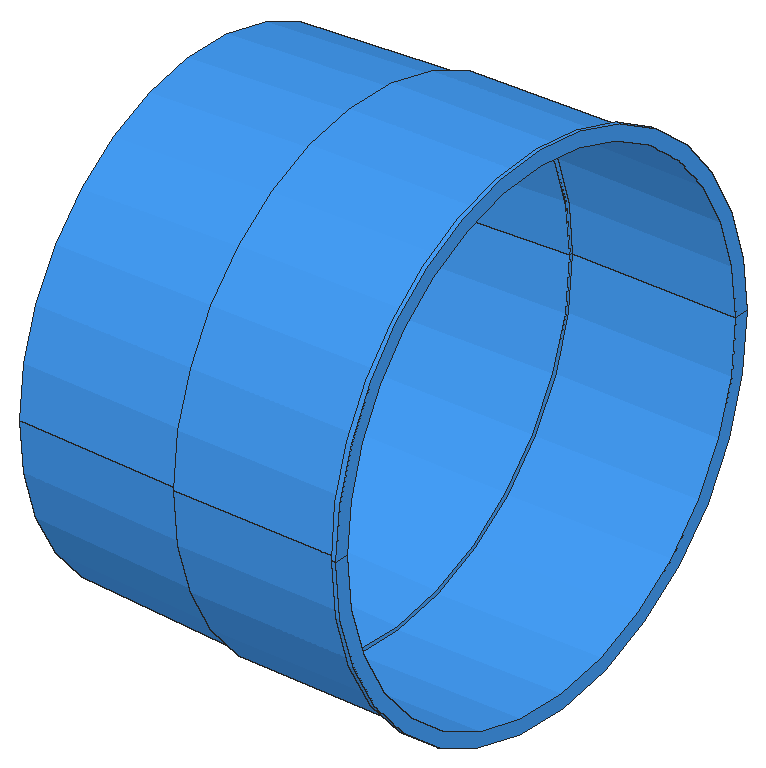
Revit family "110-EXTENSION REV 0", category Pipe Accessories, Revit 2023
Family settings
  Round Connector Dimension = Use Diameter
  Part Type = Breaks Into
  Work Plane-Based = No
  Always vertical = No
  Cut with Voids When Loaded = No
  Shared = No
Parameters
  URL = "http://www.suresnap.co.uk/"
  Model = "110-EXTENSION"
  Manufacturer = "Sure Snap Fire Collars UK"
  Description = "SURE SNAP 110 Extension"
  Default Elevation = 0 mm
  Cut Depth Offset [instance] = Cut Depth + 1 mm  # 1 mm
  Cut Depth [instance] = 0 mm
Reference planes
  plane 1 "Center (Front/Back)": y = 0
  plane 2: z = 0
  plane 3 "Center (Left/Right)": x = -99.679
  plane 4: x = -99.679
  plane 5: x = -99.679
  plane 6: x = -99.679
Forms (mm)
  Extrusion 1, solid, material "PVC-Blue", not visible, detail levels fine
    sketch origin (0, 0, 0) x (1, 0, 0) y (0, 0, 1)
      loop
        line (-80, 60.418) -> (-227.967, 86.048) -> (-227.967, 69.12) -> (-80, 60.418)
    from -1.5 to 1.5
  Extrusion 2, solid, material "PVC-Blue", not visible, detail levels fine
    sketch origin (0, 0, 0) x (1, 0, 0) y (0, -0.5, 0.866025)
      loop
        line (-80, 60.418) -> (-227.967, 86.048) -> (-227.967, 69.12) -> (-80, 60.418)
    from -1.5 to 1.5
  Extrusion 3, solid, material "PVC-Blue", not visible, detail levels fine
    sketch origin (0, 0, 0) x (1, 0, 0) y (0, -0.866025, 0.5)
      loop
        line (-80, 60.418) -> (-227.967, 86.048) -> (-227.967, 69.12) -> (-80, 60.418)
    from -1.5 to 1.5
  Extrusion 4, solid, material "PVC-Blue", not visible, detail levels fine
    sketch origin (0, 0, 0) x (0, -1, 0) y (-1, 0, 0)
      loop
        line (60.418, 80) -> (86.048, 227.967) -> (69.12, 227.967) -> (60.418, 80)
    from -1.5 to 1.5
  Extrusion 5, solid, material "PVC-Blue", not visible, detail levels fine
    sketch origin (0, 0, 0) x (1, 0, 0) y (0, -0.866025, -0.5)
      loop
        line (-80, 60.418) -> (-227.967, 86.048) -> (-227.967, 69.12) -> (-80, 60.418)
    from -1.5 to 1.5
  Extrusion 6, solid, material "PVC-Blue", not visible, detail levels fine
    sketch origin (0, 0, 0) x (1, 0, 0) y (0, -0.5, -0.866025)
      loop
        line (-80, 60.418) -> (-227.967, 86.048) -> (-227.967, 69.12) -> (-80, 60.418)
    from -1.5 to 1.5
  Extrusion 7, solid, material "PVC-Blue", not visible, detail levels fine
    sketch origin (0, 0, 0) x (1, 0, 0) y (0, 0, -1)
      loop
        line (-80, 60.418) -> (-227.967, 86.048) -> (-227.967, 69.12) -> (-80, 60.418)
    from -1.5 to 1.5
  Extrusion 8, solid, material "PVC-Blue", not visible, detail levels fine
    sketch origin (0, 0, 0) x (1, 0, 0) y (0, 0.5, -0.866025)
      loop
        line (-80, 60.418) -> (-227.967, 86.048) -> (-227.967, 69.12) -> (-80, 60.418)
    from -1.5 to 1.5
  Extrusion 9, solid, material "PVC-Blue", not visible, detail levels fine
    sketch origin (0, 0, 0) x (1, 0, 0) y (0, 0.866025, -0.5)
      loop
        line (-80, 60.418) -> (-227.967, 86.048) -> (-227.967, 69.12) -> (-80, 60.418)
    from -1.5 to 1.5
  Extrusion 10, solid, material "PVC-Blue", not visible, detail levels fine
    sketch origin (0, 0, 0) x (1, 0, 0) y (0, 1, 0)
      loop
        line (-80, 60.418) -> (-227.967, 86.048) -> (-227.967, 69.12) -> (-80, 60.418)
    from -1.5 to 1.5
  Extrusion 11, solid, material "PVC-Blue", not visible, detail levels fine
    sketch origin (0, 0, 0) x (1, 0, 0) y (0, 0.866025, 0.5)
      loop
        line (-80, 60.418) -> (-227.967, 86.048) -> (-227.967, 69.12) -> (-80, 60.418)
    from -1.5 to 1.5
  Extrusion 12, solid, material "PVC-Blue", not visible, detail levels fine
    sketch origin (0, 0, 0) x (1, 0, 0) y (0, 0.5, 0.866025)
      loop
        line (-80, 60.418) -> (-227.967, 86.048) -> (-227.967, 69.12) -> (-80, 60.418)
    from -1.5 to 1.5
  Extrusion 13, solid, material "PVC-Blue", not visible, detail levels medium+fine
    sketch origin (0, 0, 0) x (1, 0, 0) y (0, 0, 1)
      loop
        line (-227.967, 58.439) -> (-140.967, 58.439) -> (-140.967, 77.244)
        arc (-140.967, 77.244) -> (-148.679, 90.01) -> (-162.316, 96.048) r 24.811
        line (-162.316, 96.048) -> (-227.967, 96.048) -> (-227.967, 58.439)
    from -12 to 12
  Extrusion 14, solid, material "PVC-Blue", not visible, detail levels fine
    sketch origin (0, 0, 0) x (1, 0, 0) y (0, 0, 1)
      loop
        line (-227.967, 102.871) -> (-227.967, 96.048) -> (-162.316, 96.048) -> (-227.967, 102.871)
    from -2 to 2
  Extrusion 15, solid, material "PVC-Blue", not visible, detail levels fine
    sketch origin (0, 0, 0) x (1, 0, 0) y (0, 0, 1)
      loop
        circle (-157.362, 79.878) r 1.5
    from -30 to 30
  Extrusion 16, solid, material "PVC-Blue", not visible, detail levels medium+fine
    sketch origin (0, 0.061, 0.083) x (1, 0, 0) y (0, -0.707107, 0.707107)
      loop
        line (-227.967, 58.439) -> (-140.967, 58.439) -> (-140.967, 77.244)
        arc (-140.967, 77.244) -> (-148.679, 90.01) -> (-162.316, 96.048) r 24.811
        line (-162.316, 96.048) -> (-227.967, 96.048) -> (-227.967, 58.439)
    from -12 to 12
  Extrusion 17, solid, material "PVC-Blue", not visible, detail levels fine
    sketch origin (0, 0.061, 0.083) x (1, 0, 0) y (0, -0.707107, 0.707107)
      loop
        line (-227.967, 102.871) -> (-227.967, 96.048) -> (-162.316, 96.048) -> (-227.967, 102.871)
    from -2 to 2
  Extrusion 18, solid, material "PVC-Blue", not visible, detail levels fine
    sketch origin (0, 0.018, 0.04) x (1, 0, 0) y (0, -0.707107, 0.707107)
      loop
        circle (-157.362, 79.878) r 1.5
    from -30 to 30
  Extrusion 19, solid, material "PVC-Blue", not visible, detail levels fine
    sketch origin (0, -0.061, 0) x (1, 0, 0) y (0, 0, 1)
      loop
        line (-227.967, 92.766) -> (-227.967, 67.973) -> (-80, 67.973) -> (-227.967, 92.766)
    from -1.5 to 1.5
  Extrusion 20, solid, material "PVC-Blue", not visible
    sketch origin (-227.967, 0, 0) x (0, -1, 0) y (0, 0, -1)
      loop
        circle (37.79, -92.766) r 6
      loop
        circle (37.79, -92.766) r 3.5
    from 0 to 10
  Extrusion 21, solid, material "PVC-Blue", not visible
    sketch origin (-227.967, 0, 0) x (0, 1, 0) y (0, 0, 1)
      loop
        circle (37.79, 92.766) r 6
      loop
        circle (37.79, 92.766) r 3.5
    from 0 to 10
  Revolve 22, solid, material "PVC-Blue"
    sketch origin (-79.701, -2.508, 0) x (-1, 0, 0) y (0, -1, 0)
      loop
        line (80, -67.7) -> (30, -70.408) -> (30, -71.408) -> (-18, -71.408) -> (-18, -75.408) -> (-16.7, -75.408) -> (-16.7, -73.404) -> (32, -72.528) -> (32, -71.428) -> (80, -68.828) -> (80, -67.7)
      axis (80, 0) -> (-18, 0)
    angle from 0 to 360
Dimensions and locks
  plane 4 to plane 3 "Center (Left/Right)" = 0 mm
  Extrusion 1 sketch curve to Extrusion 1 sketch curve = 0 mm
  Extrusion 2 sketch curve to Extrusion 2 sketch curve = 0 mm
  Extrusion 3 sketch curve to Extrusion 3 sketch curve = 0 mm
  Extrusion 4 sketch curve to Extrusion 4 sketch curve = 0 mm
  Extrusion 5 sketch curve to Extrusion 5 sketch curve = 0 mm
  Extrusion 6 sketch curve to Extrusion 6 sketch curve = 0 mm
  Extrusion 7 sketch curve to Extrusion 7 sketch curve = 0 mm
  Extrusion 8 sketch curve to Extrusion 8 sketch curve = 0 mm
  Extrusion 9 sketch curve to Extrusion 9 sketch curve = 0 mm
  Extrusion 10 sketch curve to Extrusion 10 sketch curve = 0 mm
  Extrusion 11 sketch curve to Extrusion 11 sketch curve = 0 mm
  Extrusion 12 sketch curve to Extrusion 12 sketch curve = 0 mm
  aligned and locked: level to plane 2
Connectors
  piping at (-99.679, 0, 0), diameter 110
    settings: on plane 6, index 4, connector inside diameter 609.6 mm, connector length 0 mm, flow factor 0, pipe flow 0.0 L/s, pressure drop 0.0 Pa, fitting loss kfactor 0, connector angle 0.00°, fixture units 0, engagement length 0 mm, angle of deflection 0.00°, flow configuration 0, flow direction 0, fitting loss method 0, system type 7, joint type 0, gender type 0, connector reference index -1, connector utility 0, adjustable connector no, is connector primary yes, connector description ""
  piping at (-99.679, 0, 0), diameter 110
    settings: on plane 5, index 5, connector inside diameter 609.6 mm, connector length 0 mm, flow factor 0, pipe flow 0.0 L/s, pressure drop 0.0 Pa, fitting loss kfactor 0, connector angle 0.00°, fixture units 0, engagement length 0 mm, angle of deflection 0.00°, flow configuration 0, flow direction 0, fitting loss method 0, system type 7, joint type 0, gender type 0, connector reference index -1, connector utility 0, adjustable connector no, is connector primary no, connector description ""
